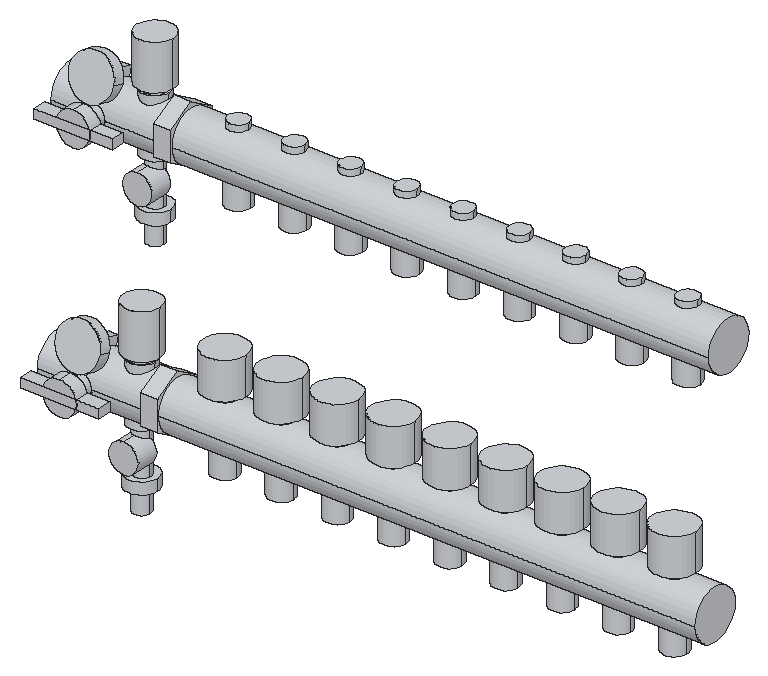
Revit family "318_dba5bdd3bf904ccfaea6eb69f10d81", category Pipe Accessories, Revit 2017
Family settings
  Round Connector Dimension = Use Diameter
  Part Type = Valve - Normal
  Work Plane-Based = No
  Always vertical = Yes
  Cut with Voids When Loaded = No
  Shared = No
Parameters (values of type "R553DK109")
  magi_piping_qv_2_9 [instance] = 0.0 L/s
  magi_piping_qv_2_8 [instance] = 0.0 L/s
  magi_piping_qv_2_7 [instance] = 0.0 L/s
  magi_piping_qv_2_6 [instance] = 0.0 L/s
  magi_piping_qv_2_5 [instance] = 0.0 L/s
  magi_piping_qv_2_4 [instance] = 0.0 L/s
  magi_piping_qv_2_3 [instance] = 0.0 L/s
  magi_piping_qv_2_2 [instance] = 0.0 L/s
  magi_piping_qv_2_1 [instance] = 0.0 L/s
  magi_piping_qv_1_9 [instance] = 0.0 L/s
  magi_piping_qv_1_8 [instance] = 0.0 L/s
  magi_piping_qv_1_7 [instance] = 0.0 L/s
  magi_piping_qv_1_6 [instance] = 0.0 L/s
  magi_piping_qv_1_5 [instance] = 0.0 L/s
  magi_piping_qv_1_4 [instance] = 0.0 L/s
  magi_piping_qv_1_3 [instance] = 0.0 L/s
  magi_piping_qv_1_2 [instance] = 0.0 L/s
  magi_piping_qv_1_1 [instance] = 0.0 L/s
  magi_piping_qv [instance] = 0.0 L/s
  magi_piping_power_9 [instance] = 0 W
  magi_piping_power_8 [instance] = 0 W
  magi_piping_power_7 [instance] = 0 W
  magi_piping_power_6 [instance] = 0 W
  magi_piping_power_5 [instance] = 0 W
  magi_piping_power_4 [instance] = 0 W
  magi_piping_power_3 [instance] = 0 W
  magi_piping_power_2 [instance] = 0 W
  magi_piping_power_1 [instance] = 0 W
  magi_piping_kv_9 [instance] = 0
  magi_piping_kv_8 [instance] = 0
  magi_piping_kv_7 [instance] = 0
  magi_piping_kv_6 [instance] = 0
  magi_piping_kv_5 [instance] = 0
  magi_piping_kv_4 [instance] = 0
  magi_piping_kv_3 [instance] = 0
  magi_piping_kv_2 [instance] = 0
  magi_piping_kv_1 [instance] = 0
  magi_piping_dpTot_9 [instance] = 0.0 Pa
  magi_piping_dpTot_8 [instance] = 0.0 Pa
  magi_piping_dpTot_7 [instance] = 0.0 Pa
  magi_piping_dpTot_6 [instance] = 0.0 Pa
  magi_piping_dpTot_5 [instance] = 0.0 Pa
  magi_piping_dpTot_4 [instance] = 0.0 Pa
  magi_piping_dpTot_3 [instance] = 0.0 Pa
  magi_piping_dpTot_2 [instance] = 0.0 Pa
  magi_piping_dpTot_1 [instance] = 0.0 Pa
  magi_adjustmentValue_9 [instance] = ""
  magi_adjustmentValue_8 [instance] = ""
  magi_adjustmentValue_7 [instance] = ""
  magi_adjustmentValue_6 [instance] = ""
  magi_adjustmentValue_5 [instance] = ""
  magi_adjustmentValue_4 [instance] = ""
  magi_adjustmentValue_3 [instance] = ""
  magi_adjustmentValue_2 [instance] = ""
  magi_adjustmentValue_1 [instance] = ""
  magiProductId = "dba5bdd3bf904ccfaea6eb69f10d81"
  magiProductFamilyId = "dba5bdd3bf904ccfaea6eb69f10d81"
  magiProductCode = "R553DK109"
  magiPartTypeId = 318
  Y = 15 mm
  VersionID = "2.0/2016.10.37.0/GIACOMINI_R553DK_001"
  URL = "http://www.giacomini.com/en"
  SMP = 25 mm
  SBP9 = 18 mm
  SBP8 = 18 mm
  SBP7 = 18 mm
  SBP6 = 18 mm
  SBP5 = 18 mm
  SBP4 = 18 mm
  SBP3 = 18 mm
  SBP2 = 18 mm
  SBP12 = 18 mm
  SBP11 = 18 mm
  SBP10 = 18 mm
  SBP1 = 18 mm
  RMP = 25 mm
  RBP9 = 18 mm
  RBP8 = 18 mm
  RBP7 = 18 mm
  RBP6 = 18 mm
  RBP5 = 18 mm
  RBP4 = 18 mm
  RBP3 = 18 mm
  RBP2 = 18 mm
  RBP12 = 18 mm
  RBP11 = 18 mm
  RBP10 = 18 mm
  RBP1 = 18 mm
  R2 = 22 mm
  QmdConnectorList = "321;SMP;322;SBP1;323;SBP2;324;SBP3;325;SBP4;326;SBP5;327;SBP6;328;SBP7;329;SBP8;330;SBP9;351;RMP;352;RBP1;353;RBP2;354;RBP3;355;RBP4;356;RBP5;357;RBP6;358;RBP7;359;RBP8;360;RBP9"
  Productdata [instance] = "© Progman Oy, all rights reserved"
  N9 = yes
  N8 = yes
  N7 = yes
  N6 = yes
  N5 = yes
  N4 = yes
  N3 = yes
  N12 = no
  N11 = no
  N10 = no
  Manufacturer = "Giacomini"
  MC_Default_elevation = 0 mm
  L = 585 mm
  I = 50 mm
  H5 = 33 mm
  H4 = 5 mm
  H3__ve = -H3  # -40 mm
  H3 = 40 mm
  H11 = 5 mm
  Flow supply main [instance] = Flow supply 1 + Flow supply 2 + Flow supply 3 + Flow supply 4 + Flow supply 5 + Flow supply 6 + Flow supply 7 + Flow supply 8 + Flow supply 9  # 0.0 L/s
  Flow supply 9 [instance] = 0.0 L/s
  Flow supply 8 [instance] = 0.0 L/s
  Flow supply 7 [instance] = 0.0 L/s
  Flow supply 6 [instance] = 0.0 L/s
  Flow supply 5 [instance] = 0.0 L/s
  Flow supply 4 [instance] = 0.0 L/s
  Flow supply 3 [instance] = 0.0 L/s
  Flow supply 2 [instance] = 0.0 L/s
  Flow supply 1 [instance] = 0.0 L/s
  Flow return main [instance] = Flow return 1 + Flow return 2 + Flow return 3 + Flow return 4 + Flow return 5 + Flow return 6 + Flow return 7 + Flow return 8 + Flow return 9  # 0.0 L/s
  Flow return 9 [instance] = 0.0 L/s
  Flow return 8 [instance] = 0.0 L/s
  Flow return 7 [instance] = 0.0 L/s
  Flow return 6 [instance] = 0.0 L/s
  Flow return 5 [instance] = 0.0 L/s
  Flow return 4 [instance] = 0.0 L/s
  Flow return 3 [instance] = 0.0 L/s
  Flow return 2 [instance] = 0.0 L/s
  Flow return 1 [instance] = 0.0 L/s
  E = 208 mm
  Description = "PREASSEMBLED MANIFOLD KIT"
  D5 = 38 mm
  D4 = 22 mm
  D31 = 18 mm
  D2 = 44 mm
  CAT0 = yes
  A = 149 mm
Reference planes
  plane 1 "Center (Front/Back)": y = 0
  plane 2 "XYPLANE": z = 0
  plane 3 "Center (Left/Right)": x = 0
  plane 4 "INIT_TEMP": y = 100
  plane 5 "379": x = 699
  plane 6 "378": x = 649
  plane 7 "377": x = 599
  plane 8 "376": x = 549
  plane 9 "375": x = 499
  plane 10 "374": x = 449
  plane 11 "373": x = 399
  plane 12 "372": x = 349
  plane 13 "371": x = 299
  plane 14 "369": x = 249
  plane 15 "368": x = 199
  plane 16 "367": x = 149
  plane 17 "366": z = 22
  plane 18 "365": z = 0
  plane 19 "364": z = -208
  plane 20 "363": y = -15
  plane 21 "362": y = 0
  plane 22 "361": x = 0
  plane 23 "360": z = -40
  plane 24 "359": z = -186
  plane 25 "358": z = -181
  plane 26 "357": z = -248
  plane 27 "356": x = 75
  plane 28 "355": z = 26
  plane 29 "354": x = 92
  plane 30 "353": z = 31
  plane 31 "352": z = -26
  plane 32 "351": z = -46
  plane 33 "350": z = -66
  plane 34 "349": z = 30
  plane 35 "348": x = 38
  plane 36 "347": y = -33
  plane 37 "346": z = 30
  plane 38 "345": y = -15
  plane 39 "344": z = -182
  plane 40 "343": z = -177
  plane 41 "342": z = -234
  plane 42 "341": z = -254
  plane 43 "340": z = -274
  plane 44 "339": z = -178
  plane 45 "338": y = -30
  plane 46 "337": z = -178
  plane 47 "336": y = -48
  plane 48 "1055": through (-712, 0, 30) normal (0, 0.2588, 0.9659)
  plane 49 "1056": through (-712, -15, 30) normal (0, -0.9659, 0.2588)
  plane 50 "1057": through (-712, -30, -178) normal (0, 0.9659, -0.2588)
  plane 51 "1058": through (-712, -15, -178) normal (0, -0.2588, -0.9659)
Forms (mm)
  Extrusion 1, solid, visible <- "N12"
    sketch origin (-750, 0, 22) x (1, 0, 0) y (0, 1, 0)
      loop
        circle (1449, 0) r 9
    from 0 to 5 <- "H11"
  Extrusion 2, solid, visible <- "N11"
    sketch origin (-750, 0, 22) x (1, 0, 0) y (0, 1, 0)
      loop
        circle (1399, 0) r 9
    from 0 to 5 <- "H11"
  Extrusion 3, solid, visible <- "N9"
    sketch origin (-750, 0, 22) x (1, 0, 0) y (0, 1, 0)
      loop
        circle (1299, 0) r 9
    from 0 to 5 <- "H11"
  Extrusion 4, solid, visible <- "N10"
    sketch origin (-750, 0, 22) x (1, 0, 0) y (0, 1, 0)
      loop
        circle (1349, 0) r 9
    from 0 to 5 <- "H11"
  Extrusion 5, solid, visible <- "N8"
    sketch origin (-750, 0, 22) x (1, 0, 0) y (0, 1, 0)
      loop
        circle (1249, 0) r 9
    from 0 to 5 <- "H11"
  Extrusion 6, solid, visible <- "N7"
    sketch origin (-750, 0, 22) x (1, 0, 0) y (0, 1, 0)
      loop
        circle (1199, 0) r 9
    from 0 to 5 <- "H11"
  Extrusion 7, solid, visible <- "N6"
    sketch origin (-750, 0, 22) x (1, 0, 0) y (0, 1, 0)
      loop
        circle (1149, 0) r 9
    from 0 to 5 <- "H11"
  Extrusion 8, solid, visible <- "N5"
    sketch origin (-750, 0, 22) x (1, 0, 0) y (0, 1, 0)
      loop
        circle (1099, 0) r 9
    from 0 to 5 <- "H11"
  Extrusion 9, solid, visible <- "N4"
    sketch origin (-750, 0, 22) x (1, 0, 0) y (0, 1, 0)
      loop
        circle (1049, 0) r 9
    from 0 to 5 <- "H11"
  Extrusion 10, solid, visible <- "N3"
    sketch origin (-750, 0, 22) x (1, 0, 0) y (0, 1, 0)
      loop
        circle (999, 0) r 9
    from 0 to 5 <- "H11"
  Extrusion 11, solid
    sketch origin (-750, 0, 22) x (1, 0, 0) y (0, 1, 0)
      loop
        circle (949, 0) r 9
    from 0 to 5 <- "H11"
  Extrusion 12, solid
    sketch origin (-750, 0, 22) x (1, 0, 0) y (0, 1, 0)
      loop
        circle (899, 0) r 9
    from 0 to 5 <- "H11"
  Extrusion 13, solid, visible <- "CAT0"
    sketch origin (0, -750, 0) x (0, 1, 0) y (0, 0, 1)
      loop
        circle (750, 0) r 22
    from 0 to 585 <- "L"
  Extrusion 14, solid
    sketch origin (-750, 0, 0) x (1, 0, 0) y (0, 1, 0)
      loop
        circle (899, 0) r 11
    from 0 to -40 <- "H3__ve"
  Extrusion 15, solid
    sketch origin (-750, 0, 0) x (1, 0, 0) y (0, 1, 0)
      loop
        circle (949, 0) r 11
    from 0 to -40 <- "H3__ve"
  Extrusion 16, solid, visible <- "N3"
    sketch origin (-750, 0, 0) x (1, 0, 0) y (0, 1, 0)
      loop
        circle (999, 0) r 11
    from 0 to -40 <- "H3__ve"
  Extrusion 17, solid, visible <- "N4"
    sketch origin (-750, 0, 0) x (1, 0, 0) y (0, 1, 0)
      loop
        circle (1049, 0) r 11
    from 0 to -40 <- "H3__ve"
  Extrusion 18, solid, visible <- "N5"
    sketch origin (-750, 0, 0) x (1, 0, 0) y (0, 1, 0)
      loop
        circle (1099, 0) r 11
    from 0 to -40 <- "H3__ve"
  Extrusion 19, solid, visible <- "N6"
    sketch origin (-750, 0, 0) x (1, 0, 0) y (0, 1, 0)
      loop
        circle (1149, 0) r 11
    from 0 to -40 <- "H3__ve"
  Extrusion 20, solid, visible <- "N7"
    sketch origin (-750, 0, 0) x (1, 0, 0) y (0, 1, 0)
      loop
        circle (1199, 0) r 11
    from 0 to -40 <- "H3__ve"
  Extrusion 21, solid, visible <- "N12"
    sketch origin (-750, 0, 0) x (1, 0, 0) y (0, 1, 0)
      loop
        circle (1449, 0) r 11
    from 0 to -40 <- "H3__ve"
  Extrusion 22, solid, visible <- "N11"
    sketch origin (-750, 0, 0) x (1, 0, 0) y (0, 1, 0)
      loop
        circle (1399, 0) r 11
    from 0 to -40 <- "H3__ve"
  Extrusion 23, solid, visible <- "N10"
    sketch origin (-750, 0, 0) x (1, 0, 0) y (0, 1, 0)
      loop
        circle (1349, 0) r 11
    from 0 to -40 <- "H3__ve"
  Extrusion 24, solid, visible <- "N9"
    sketch origin (-750, 0, 0) x (1, 0, 0) y (0, 1, 0)
      loop
        circle (1299, 0) r 11
    from 0 to -40 <- "H3__ve"
  Extrusion 25, solid, visible <- "N8"
    sketch origin (-750, 0, 0) x (1, 0, 0) y (0, 1, 0)
      loop
        circle (1249, 0) r 11
    from 0 to -40 <- "H3__ve"
  Extrusion 26, solid, visible <- "CAT0"
    sketch origin (0, -750, 0) x (0, 1, 0) y (0, 0, 1)
      loop
        circle (735, -208) r 22
    from 0 to 585 <- "L"
  Extrusion 27, solid
    sketch origin (-750, 0, -208) x (1, 0, 0) y (0, 1, 0)
      loop
        circle (949, -15) r 11
    from 0 to -40 <- "H3__ve"
  Extrusion 28, solid
    sketch origin (-750, 0, -208) x (1, 0, 0) y (0, 1, 0)
      loop
        circle (899, -15) r 11
    from 0 to -40 <- "H3__ve"
  Extrusion 29, solid, visible <- "N3"
    sketch origin (-750, 0, -208) x (1, 0, 0) y (0, 1, 0)
      loop
        circle (999, -15) r 11
    from 0 to -40 <- "H3__ve"
  Extrusion 30, solid
    sketch origin (-750, 0, -186) x (1, 0, 0) y (0, 1, 0)
      loop
        circle (899, -15) r 11
    from 0 to 5 <- "H4"
  Extrusion 31, solid
    sketch origin (-750, 0, -181) x (1, 0, 0) y (0, 1, 0)
      loop
        circle (899, -15) r 19
    from 0 to 33 <- "H5"
  Extrusion 32, solid
    sketch origin (-750, 0, -181) x (1, 0, 0) y (0, 1, 0)
      loop
        circle (949, -15) r 19
    from 0 to 33 <- "H5"
  Extrusion 33, solid
    sketch origin (-750, 0, -186) x (1, 0, 0) y (0, 1, 0)
      loop
        circle (949, -15) r 11
    from 0 to 5 <- "H4"
  Extrusion 34, solid, visible <- "N3"
    sketch origin (-750, 0, -186) x (1, 0, 0) y (0, 1, 0)
      loop
        circle (999, -15) r 11
    from 0 to 5 <- "H4"
  Extrusion 35, solid, visible <- "N3"
    sketch origin (-750, 0, -181) x (1, 0, 0) y (0, 1, 0)
      loop
        circle (999, -15) r 19
    from 0 to 33 <- "H5"
  Extrusion 36, solid, visible <- "N4"
    sketch origin (-750, 0, -181) x (1, 0, 0) y (0, 1, 0)
      loop
        circle (1049, -15) r 19
    from 0 to 33 <- "H5"
  Extrusion 37, solid, visible <- "N4"
    sketch origin (-750, 0, -186) x (1, 0, 0) y (0, 1, 0)
      loop
        circle (1049, -15) r 11
    from 0 to 5 <- "H4"
  Extrusion 38, solid, visible <- "N4"
    sketch origin (-750, 0, -208) x (1, 0, 0) y (0, 1, 0)
      loop
        circle (1049, -15) r 11
    from 0 to -40 <- "H3__ve"
  Extrusion 39, solid, visible <- "N5"
    sketch origin (-750, 0, -208) x (1, 0, 0) y (0, 1, 0)
      loop
        circle (1099, -15) r 11
    from 0 to -40 <- "H3__ve"
  Extrusion 40, solid, visible <- "N5"
    sketch origin (-750, 0, -186) x (1, 0, 0) y (0, 1, 0)
      loop
        circle (1099, -15) r 11
    from 0 to 5 <- "H4"
  Extrusion 41, solid, visible <- "N5"
    sketch origin (-750, 0, -181) x (1, 0, 0) y (0, 1, 0)
      loop
        circle (1099, -15) r 19
    from 0 to 33 <- "H5"
  Extrusion 42, solid, visible <- "N6"
    sketch origin (-750, 0, -181) x (1, 0, 0) y (0, 1, 0)
      loop
        circle (1149, -15) r 19
    from 0 to 33 <- "H5"
  Extrusion 43, solid, visible <- "N6"
    sketch origin (-750, 0, -186) x (1, 0, 0) y (0, 1, 0)
      loop
        circle (1149, -15) r 11
    from 0 to 5 <- "H4"
  Extrusion 44, solid, visible <- "N6"
    sketch origin (-750, 0, -208) x (1, 0, 0) y (0, 1, 0)
      loop
        circle (1149, -15) r 11
    from 0 to -40 <- "H3__ve"
  Extrusion 45, solid, visible <- "N7"
    sketch origin (-750, 0, -208) x (1, 0, 0) y (0, 1, 0)
      loop
        circle (1199, -15) r 11
    from 0 to -40 <- "H3__ve"
  Extrusion 46, solid, visible <- "N7"
    sketch origin (-750, 0, -186) x (1, 0, 0) y (0, 1, 0)
      loop
        circle (1199, -15) r 11
    from 0 to 5 <- "H4"
  Extrusion 47, solid, visible <- "N7"
    sketch origin (-750, 0, -181) x (1, 0, 0) y (0, 1, 0)
      loop
        circle (1199, -15) r 19
    from 0 to 33 <- "H5"
  Extrusion 48, solid, visible <- "N9"
    sketch origin (-750, 0, -181) x (1, 0, 0) y (0, 1, 0)
      loop
        circle (1299, -15) r 19
    from 0 to 33 <- "H5"
  Extrusion 49, solid, visible <- "N9"
    sketch origin (-750, 0, -186) x (1, 0, 0) y (0, 1, 0)
      loop
        circle (1299, -15) r 11
    from 0 to 5 <- "H4"
  Extrusion 50, solid, visible <- "N9"
    sketch origin (-750, 0, -208) x (1, 0, 0) y (0, 1, 0)
      loop
        circle (1299, -15) r 11
    from 0 to -40 <- "H3__ve"
  Extrusion 51, solid, visible <- "N8"
    sketch origin (-750, 0, -208) x (1, 0, 0) y (0, 1, 0)
      loop
        circle (1249, -15) r 11
    from 0 to -40 <- "H3__ve"
  Extrusion 52, solid, visible <- "N8"
    sketch origin (-750, 0, -186) x (1, 0, 0) y (0, 1, 0)
      loop
        circle (1249, -15) r 11
    from 0 to 5 <- "H4"
  Extrusion 53, solid, visible <- "N8"
    sketch origin (-750, 0, -181) x (1, 0, 0) y (0, 1, 0)
      loop
        circle (1249, -15) r 19
    from 0 to 33 <- "H5"
  Extrusion 54, solid, visible <- "N11"
    sketch origin (-750, 0, -181) x (1, 0, 0) y (0, 1, 0)
      loop
        circle (1399, -15) r 19
    from 0 to 33 <- "H5"
  Extrusion 55, solid, visible <- "N11"
    sketch origin (-750, 0, -186) x (1, 0, 0) y (0, 1, 0)
      loop
        circle (1399, -15) r 11
    from 0 to 5 <- "H4"
  Extrusion 56, solid, visible <- "N11"
    sketch origin (-750, 0, -208) x (1, 0, 0) y (0, 1, 0)
      loop
        circle (1399, -15) r 11
    from 0 to -40 <- "H3__ve"
  Extrusion 57, solid, visible <- "N12"
    sketch origin (-750, 0, -208) x (1, 0, 0) y (0, 1, 0)
      loop
        circle (1449, -15) r 11
    from 0 to -40 <- "H3__ve"
  Extrusion 58, solid, visible <- "N12"
    sketch origin (-750, 0, -186) x (1, 0, 0) y (0, 1, 0)
      loop
        circle (1449, -15) r 11
    from 0 to 5 <- "H4"
  Extrusion 59, solid, visible <- "N12"
    sketch origin (-750, 0, -181) x (1, 0, 0) y (0, 1, 0)
      loop
        circle (1449, -15) r 19
    from 0 to 33 <- "H5"
  Extrusion 60, solid, visible <- "N10"
    sketch origin (-750, 0, -181) x (1, 0, 0) y (0, 1, 0)
      loop
        circle (1349, -15) r 19
    from 0 to 33 <- "H5"
  Extrusion 61, solid, visible <- "N10"
    sketch origin (-750, 0, -186) x (1, 0, 0) y (0, 1, 0)
      loop
        circle (1349, -15) r 11
    from 0 to 5 <- "H4"
  Extrusion 62, solid, visible <- "N10"
    sketch origin (-750, 0, -208) x (1, 0, 0) y (0, 1, 0)
      loop
        circle (1349, -15) r 11
    from 0 to -40 <- "H3__ve"
  Extrusion 63, solid
    sketch origin (-750, 0, 26) x (1, 0, 0) y (0, 1, 0)
      loop
        circle (825, 0) r 12
    from 0 to -52
  Extrusion 64, solid
    sketch origin (92, -750, 0) x (0, 1, 0) y (0, 0, 1)
      loop
        line (750, 26) -> (727.483, 13) -> (727.483, -13) -> (750, -26) -> (772.517, -13) -> (772.517, 13) -> (750, 26)
    from 0 to 15
  Extrusion 65, solid
    sketch origin (-750, 0, 26) x (1, 0, 0) y (0, 1, 0)
      loop
        circle (825, 0) r 10
    from 0 to 5
  Extrusion 66, solid
    sketch origin (-750, 0, 31) x (1, 0, 0) y (0, 1, 0)
      loop
        circle (825, 0) r 16
    from 0 to 40
  Extrusion 67, solid
    sketch origin (-750, 0, -26) x (1, 0, 0) y (0, 1, 0)
      loop
        circle (825, 0) r 7.5
    from 0 to -70
  Extrusion 68, solid
    sketch origin (750, 0, 0) x (-1, 0, 0) y (0, 0, 1)
      loop
        circle (675, -46) r 13
    from 0 to -20
  Extrusion 69, solid
    sketch origin (-750, 0, -66) x (1, 0, 0) y (0, 1, 0)
      loop
        circle (825, 0) r 14
    from 0 to -10
  Extrusion 70, solid
    sketch origin (750, -33, 0) x (-1, 0, 0) y (0, 0, 1)
      loop
        circle (712, 0) r 15
    from 0 to -12
  Extrusion 71, solid
    sketch origin (-712, 0, 30) x (1, 0, 0) y (0, 0.965926, -0.258819)
      loop
        line (746, 15) -> (746, -15) -> (754, -15) -> (754, 15) -> (746, 15)
    from 0 to -18
  Extrusion 72, solid
    sketch origin (750, 0, 0) x (-1, 0, 0) y (0, 0, 1)
      loop
        circle (712, 0) r 9
    from 0 to -33
  Extrusion 73, solid
    sketch origin (750, -33, 0) x (-1, 0, 0) y (0, 0, 1)
      loop
        line (677, 4) -> (677, -4) -> (747, -4) -> (747, 4) -> (677, 4)
    from 0 to -12
  Extrusion 74, solid
    sketch origin (-712, -15, 30) x (1, 0, 0) y (0, 0.258819, 0.965926)
      loop
        circle (750, 0) r 20
    from 0 to 10
  Extrusion 75, solid
    sketch origin (-750, 0, -274) x (1, 0, 0) y (0, 1, 0)
      loop
        circle (825, -15) r 14
    from 0 to -10
  Extrusion 76, solid
    sketch origin (750, -15, 0) x (-1, 0, 0) y (0, 0, 1)
      loop
        circle (675, -254) r 13
    from 0 to -20
  Extrusion 77, solid
    sketch origin (-750, 0, -234) x (1, 0, 0) y (0, 1, 0)
      loop
        circle (825, -15) r 7.5
    from 0 to -70
  Extrusion 78, solid
    sketch origin (-750, 0, -177) x (1, 0, 0) y (0, 1, 0)
      loop
        circle (825, -15) r 16
    from 0 to 40
  Extrusion 79, solid
    sketch origin (-750, 0, -182) x (1, 0, 0) y (0, 1, 0)
      loop
        circle (825, -15) r 10
    from 0 to 5
  Extrusion 80, solid
    sketch origin (92, -750, 0) x (0, 1, 0) y (0, 0, 1)
      loop
        line (735, -182) -> (712.483, -195) -> (712.483, -221) -> (735, -234) -> (757.517, -221) -> (757.517, -195) -> (735, -182)
    from 0 to 15
  Extrusion 81, solid
    sketch origin (-750, 0, -182) x (1, 0, 0) y (0, 1, 0)
      loop
        circle (825, -15) r 12
    from 0 to -52
  Extrusion 82, solid
    sketch origin (-712, -30, -178) x (1, 0, 0) y (0, -0.258819, -0.965926)
      loop
        circle (750, 0) r 20
    from 0 to -10
  Extrusion 83, solid
    sketch origin (750, -48, 0) x (-1, 0, 0) y (0, 0, 1)
      loop
        line (677, -204) -> (677, -212) -> (747, -212) -> (747, -204) -> (677, -204)
    from 0 to -12
  Extrusion 84, solid
    sketch origin (750, -15, 0) x (-1, 0, 0) y (0, 0, 1)
      loop
        circle (712, -208) r 9
    from 0 to -33
  Extrusion 85, solid
    sketch origin (-712, -15, -178) x (1, 0, 0) y (0, -0.965926, 0.258819)
      loop
        line (746, -15) -> (754, -15) -> (754, 15) -> (746, 15) -> (746, -15)
    from 0 to 18
  Extrusion 86, solid
    sketch origin (750, -48, 0) x (-1, 0, 0) y (0, 0, 1)
      loop
        circle (712, -208) r 15
    from 0 to -12
  Extrusion 87, solid, not visible
    sketch origin (-750, 0, -40) x (1, 0, 0) y (0, 1, 0)
      loop
        circle (949, 0) r 10
    from 0 to 10
  Extrusion 88, solid, not visible
    sketch origin (-750, 0, -40) x (1, 0, 0) y (0, 1, 0)
      loop
        circle (899, 0) r 10
    from 0 to 10
  Extrusion 89, solid, not visible
    sketch origin (0, -750, 0) x (0, 1, 0) y (0, 0, 1)
      loop
        circle (735, -208) r 10
    from 0 to 10
  Extrusion 90, solid, not visible
    sketch origin (0, -750, 0) x (0, 1, 0) y (0, 0, 1)
      loop
        circle (750, 0) r 10
    from 0 to 10
  Extrusion 91, solid, not visible
    sketch origin (-750, 0, -40) x (1, 0, 0) y (0, 1, 0)
      loop
        circle (999, 0) r 10
    from 0 to 10
  Extrusion 92, solid, not visible
    sketch origin (-750, 0, -40) x (1, 0, 0) y (0, 1, 0)
      loop
        circle (1049, 0) r 10
    from 0 to 10
  Extrusion 93, solid, not visible
    sketch origin (-750, 0, -40) x (1, 0, 0) y (0, 1, 0)
      loop
        circle (1099, 0) r 10
    from 0 to 10
  Extrusion 94, solid, not visible
    sketch origin (-750, 0, -40) x (1, 0, 0) y (0, 1, 0)
      loop
        circle (1149, 0) r 10
    from 0 to 10
  Extrusion 95, solid, not visible
    sketch origin (-750, 0, -40) x (1, 0, 0) y (0, 1, 0)
      loop
        circle (1199, 0) r 10
    from 0 to 10
  Extrusion 96, solid, not visible
    sketch origin (-750, 0, -40) x (1, 0, 0) y (0, 1, 0)
      loop
        circle (1299, 0) r 10
    from 0 to 10
  Extrusion 97, solid, not visible
    sketch origin (-750, 0, -40) x (1, 0, 0) y (0, 1, 0)
      loop
        circle (1249, 0) r 10
    from 0 to 10
  Extrusion 98, solid, not visible
    sketch origin (-750, 0, -248) x (1, 0, 0) y (0, 1, 0)
      loop
        circle (999, -15) r 10
    from 0 to 10
  Extrusion 99, solid, not visible
    sketch origin (-750, 0, -248) x (1, 0, 0) y (0, 1, 0)
      loop
        circle (899, -15) r 10
    from 0 to 10
  Extrusion 100, solid, not visible
    sketch origin (-750, 0, -248) x (1, 0, 0) y (0, 1, 0)
      loop
        circle (949, -15) r 10
    from 0 to 10
  Extrusion 101, solid, not visible
    sketch origin (-750, 0, -248) x (1, 0, 0) y (0, 1, 0)
      loop
        circle (1049, -15) r 10
    from 0 to 10
  Extrusion 102, solid, not visible
    sketch origin (-750, 0, -248) x (1, 0, 0) y (0, 1, 0)
      loop
        circle (1099, -15) r 10
    from 0 to 10
  Extrusion 103, solid, not visible
    sketch origin (-750, 0, -248) x (1, 0, 0) y (0, 1, 0)
      loop
        circle (1149, -15) r 10
    from 0 to 10
  Extrusion 104, solid, not visible
    sketch origin (-750, 0, -248) x (1, 0, 0) y (0, 1, 0)
      loop
        circle (1199, -15) r 10
    from 0 to 10
  Extrusion 105, solid, not visible
    sketch origin (-750, 0, -248) x (1, 0, 0) y (0, 1, 0)
      loop
        circle (1299, -15) r 10
    from 0 to 10
  Extrusion 106, solid, not visible
    sketch origin (-750, 0, -248) x (1, 0, 0) y (0, 1, 0)
      loop
        circle (1249, -15) r 10
    from 0 to 10
Text (mm)
  text "© Progman Oy, all rights reserved" at (-472.209, -2482.653, 0), in view "Ref. Level"
Dimensions and locks
  plane 4 "INIT_TEMP" to plane 1 "Center (Front/Back)" = 100 mm
  "I": plane 6 "378" to plane 5 "379"
  "I": plane 7 "377" to plane 6 "378"
  "I": plane 8 "376" to plane 7 "377"
  "I": plane 9 "375" to plane 8 "376"
  "I": plane 10 "374" to plane 9 "375"
  "I": plane 11 "373" to plane 10 "374"
  "I": plane 12 "372" to plane 11 "373"
  "I": plane 13 "371" to plane 12 "372"
  "I": plane 14 "369" to plane 13 "371"
  "I": plane 15 "368" to plane 14 "369"
  "I": plane 16 "367" to plane 15 "368"
  "A": plane 3 "Center (Left/Right)" to plane 16 "367"
  "R2": plane 2 "XYPLANE" to plane 17 "366"
  locked: plane 2 "XYPLANE" to plane 18 "365"
  "E": plane 2 "XYPLANE" to plane 19 "364"
  "Y": plane 1 "Center (Front/Back)" to plane 20 "363"
  locked: plane 1 "Center (Front/Back)" to plane 21 "362"
  locked: plane 3 "Center (Left/Right)" to plane 22 "361"
  "H3": plane 2 "XYPLANE" to plane 23 "360"
  "R2": plane 19 "364" to plane 24 "359"
  "H4": plane 24 "359" to plane 25 "358"
  "H3": plane 19 "364" to plane 26 "357"
  locked: plane 3 "Center (Left/Right)" to plane 27 "356" at 75
  locked: plane 2 "XYPLANE" to plane 28 "355" at 26
  locked: plane 27 "356" to plane 29 "354" at 17
  locked: plane 28 "355" to plane 30 "353" at 5
  locked: plane 28 "355" to plane 31 "352" at 52
  locked: plane 31 "352" to plane 32 "351" at 20
  locked: plane 31 "352" to plane 33 "350" at 40
  locked: plane 2 "XYPLANE" to plane 34 "349" at 30
  locked: plane 3 "Center (Left/Right)" to plane 35 "348" at 38
  locked: plane 1 "Center (Front/Back)" to plane 36 "347" at 33
  locked: plane 2 "XYPLANE" to plane 37 "346" at 30
  locked: plane 1 "Center (Front/Back)" to plane 38 "345" at 15
  locked: plane 19 "364" to plane 39 "344" at 26
  locked: plane 39 "344" to plane 40 "343" at 5
  locked: plane 39 "344" to plane 41 "342" at 52
  locked: plane 41 "342" to plane 42 "341" at 20
  locked: plane 41 "342" to plane 43 "340" at 40
  locked: plane 19 "364" to plane 44 "339" at 30
  locked: plane 20 "363" to plane 45 "338" at 15
  locked: plane 19 "364" to plane 46 "337" at 30
  locked: plane 20 "363" to plane 47 "336" at 33
  "D31": diameter of Extrusion 1 sketch curve
  "D31": diameter of Extrusion 2 sketch curve
  "D31": diameter of Extrusion 3 sketch curve
  "D31": diameter of Extrusion 4 sketch curve
  "D31": diameter of Extrusion 5 sketch curve
  "D31": diameter of Extrusion 6 sketch curve
  "D31": diameter of Extrusion 7 sketch curve
  "D31": diameter of Extrusion 8 sketch curve
  "D31": diameter of Extrusion 9 sketch curve
  "D31": diameter of Extrusion 10 sketch curve
  "D31": diameter of Extrusion 11 sketch curve
  "D31": diameter of Extrusion 12 sketch curve
  "D2": diameter of Extrusion 13 sketch curve
  "D4": diameter of Extrusion 14 sketch curve
  "D4": diameter of Extrusion 15 sketch curve
  "D4": diameter of Extrusion 16 sketch curve
  "D4": diameter of Extrusion 17 sketch curve
  "D4": diameter of Extrusion 18 sketch curve
  "D4": diameter of Extrusion 19 sketch curve
  "D4": diameter of Extrusion 20 sketch curve
  "D4": diameter of Extrusion 21 sketch curve
  "D4": diameter of Extrusion 22 sketch curve
  "D4": diameter of Extrusion 23 sketch curve
  "D4": diameter of Extrusion 24 sketch curve
  "D4": diameter of Extrusion 25 sketch curve
  "D2": diameter of Extrusion 26 sketch curve
  "D4": diameter of Extrusion 27 sketch curve
  "D4": diameter of Extrusion 28 sketch curve
  "D4": diameter of Extrusion 29 sketch curve
  "D4": diameter of Extrusion 30 sketch curve
  "D5": diameter of Extrusion 31 sketch curve
  "D5": diameter of Extrusion 32 sketch curve
  "D4": diameter of Extrusion 33 sketch curve
  "D4": diameter of Extrusion 34 sketch curve
  "D5": diameter of Extrusion 35 sketch curve
  "D5": diameter of Extrusion 36 sketch curve
  "D4": diameter of Extrusion 37 sketch curve
  "D4": diameter of Extrusion 38 sketch curve
  "D4": diameter of Extrusion 39 sketch curve
  "D4": diameter of Extrusion 40 sketch curve
  "D5": diameter of Extrusion 41 sketch curve
  "D5": diameter of Extrusion 42 sketch curve
  "D4": diameter of Extrusion 43 sketch curve
  "D4": diameter of Extrusion 44 sketch curve
  "D4": diameter of Extrusion 45 sketch curve
  "D4": diameter of Extrusion 46 sketch curve
  "D5": diameter of Extrusion 47 sketch curve
  "D5": diameter of Extrusion 48 sketch curve
  "D4": diameter of Extrusion 49 sketch curve
  "D4": diameter of Extrusion 50 sketch curve
  "D4": diameter of Extrusion 51 sketch curve
  "D4": diameter of Extrusion 52 sketch curve
  "D5": diameter of Extrusion 53 sketch curve
  "D5": diameter of Extrusion 54 sketch curve
  "D4": diameter of Extrusion 55 sketch curve
  "D4": diameter of Extrusion 56 sketch curve
  "D4": diameter of Extrusion 57 sketch curve
  "D4": diameter of Extrusion 58 sketch curve
  "D5": diameter of Extrusion 59 sketch curve
  "D5": diameter of Extrusion 60 sketch curve
  "D4": diameter of Extrusion 61 sketch curve
  "D4": diameter of Extrusion 62 sketch curve
  aligned and locked: level to plane 2 "XYPLANE"
  aligned and locked: plane 5 "379" to Extrusion 1 sketch curve
  aligned and locked: plane 21 "362" to Extrusion 1 sketch curve
  aligned and locked: plane 6 "378" to Extrusion 2 sketch curve
  aligned and locked: plane 21 "362" to Extrusion 2 sketch curve
  aligned and locked: plane 8 "376" to Extrusion 3 sketch curve
  aligned and locked: plane 21 "362" to Extrusion 3 sketch curve
  aligned and locked: plane 7 "377" to Extrusion 4 sketch curve
  aligned and locked: plane 21 "362" to Extrusion 4 sketch curve
  aligned and locked: plane 9 "375" to Extrusion 5 sketch curve
  aligned and locked: plane 21 "362" to Extrusion 5 sketch curve
  aligned and locked: plane 10 "374" to Extrusion 6 sketch curve
  aligned and locked: plane 21 "362" to Extrusion 6 sketch curve
  aligned and locked: plane 11 "373" to Extrusion 7 sketch curve
  aligned and locked: plane 21 "362" to Extrusion 7 sketch curve
  aligned and locked: plane 12 "372" to Extrusion 8 sketch curve
  aligned and locked: plane 21 "362" to Extrusion 8 sketch curve
  aligned and locked: plane 13 "371" to Extrusion 9 sketch curve
  aligned and locked: plane 21 "362" to Extrusion 9 sketch curve
  aligned and locked: plane 14 "369" to Extrusion 10 sketch curve
  aligned and locked: plane 21 "362" to Extrusion 10 sketch curve
  aligned and locked: plane 15 "368" to Extrusion 11 sketch curve
  aligned and locked: plane 21 "362" to Extrusion 11 sketch curve
  aligned and locked: plane 16 "367" to Extrusion 12 sketch curve
  aligned and locked: plane 21 "362" to Extrusion 12 sketch curve
  aligned and locked: plane 18 "365" to Extrusion 13 sketch curve
  aligned and locked: Extrusion 13 sketch curve to plane 21 "362"
  aligned and locked: plane 16 "367" to Extrusion 14 sketch curve
  aligned and locked: plane 21 "362" to Extrusion 14 sketch curve
  aligned and locked: plane 15 "368" to Extrusion 15 sketch curve
  aligned and locked: plane 21 "362" to Extrusion 15 sketch curve
  aligned and locked: plane 14 "369" to Extrusion 16 sketch curve
  aligned and locked: plane 21 "362" to Extrusion 16 sketch curve
  aligned and locked: plane 13 "371" to Extrusion 17 sketch curve
  aligned and locked: plane 21 "362" to Extrusion 17 sketch curve
  aligned and locked: plane 12 "372" to Extrusion 18 sketch curve
  aligned and locked: plane 21 "362" to Extrusion 18 sketch curve
  aligned and locked: plane 11 "373" to Extrusion 19 sketch curve
  aligned and locked: plane 21 "362" to Extrusion 19 sketch curve
  aligned and locked: plane 10 "374" to Extrusion 20 sketch curve
  aligned and locked: plane 21 "362" to Extrusion 20 sketch curve
  aligned and locked: plane 5 "379" to Extrusion 21 sketch curve
  aligned and locked: plane 21 "362" to Extrusion 21 sketch curve
  aligned and locked: plane 6 "378" to Extrusion 22 sketch curve
  aligned and locked: plane 21 "362" to Extrusion 22 sketch curve
  aligned and locked: plane 7 "377" to Extrusion 23 sketch curve
  aligned and locked: plane 21 "362" to Extrusion 23 sketch curve
  aligned and locked: plane 8 "376" to Extrusion 24 sketch curve
  aligned and locked: plane 21 "362" to Extrusion 24 sketch curve
  aligned and locked: plane 9 "375" to Extrusion 25 sketch curve
  aligned and locked: plane 21 "362" to Extrusion 25 sketch curve
  aligned and locked: plane 19 "364" to Extrusion 26 sketch curve
  aligned and locked: Extrusion 26 sketch curve to plane 20 "363"
  aligned and locked: plane 15 "368" to Extrusion 27 sketch curve
  aligned and locked: plane 20 "363" to Extrusion 27 sketch curve
  aligned and locked: plane 16 "367" to Extrusion 28 sketch curve
  aligned and locked: plane 20 "363" to Extrusion 28 sketch curve
  aligned and locked: plane 14 "369" to Extrusion 29 sketch curve
  aligned and locked: plane 20 "363" to Extrusion 29 sketch curve
  aligned and locked: plane 16 "367" to Extrusion 30 sketch curve
  aligned and locked: plane 20 "363" to Extrusion 30 sketch curve
  aligned and locked: plane 16 "367" to Extrusion 31 sketch curve
  aligned and locked: plane 20 "363" to Extrusion 31 sketch curve
  aligned and locked: plane 15 "368" to Extrusion 32 sketch curve
  aligned and locked: plane 20 "363" to Extrusion 32 sketch curve
  aligned and locked: plane 15 "368" to Extrusion 33 sketch curve
  aligned and locked: plane 20 "363" to Extrusion 33 sketch curve
  aligned and locked: plane 14 "369" to Extrusion 34 sketch curve
  aligned and locked: plane 20 "363" to Extrusion 34 sketch curve
  aligned and locked: plane 14 "369" to Extrusion 35 sketch curve
  aligned and locked: plane 20 "363" to Extrusion 35 sketch curve
  aligned and locked: plane 13 "371" to Extrusion 36 sketch curve
  aligned and locked: plane 20 "363" to Extrusion 36 sketch curve
  aligned and locked: plane 13 "371" to Extrusion 37 sketch curve
  aligned and locked: plane 20 "363" to Extrusion 37 sketch curve
  aligned and locked: plane 13 "371" to Extrusion 38 sketch curve
  aligned and locked: plane 20 "363" to Extrusion 38 sketch curve
  aligned and locked: plane 12 "372" to Extrusion 39 sketch curve
  aligned and locked: plane 20 "363" to Extrusion 39 sketch curve
  aligned and locked: plane 12 "372" to Extrusion 40 sketch curve
  aligned and locked: plane 20 "363" to Extrusion 40 sketch curve
  aligned and locked: plane 12 "372" to Extrusion 41 sketch curve
  aligned and locked: plane 20 "363" to Extrusion 41 sketch curve
  aligned and locked: plane 11 "373" to Extrusion 42 sketch curve
  aligned and locked: plane 20 "363" to Extrusion 42 sketch curve
  aligned and locked: plane 11 "373" to Extrusion 43 sketch curve
  aligned and locked: plane 20 "363" to Extrusion 43 sketch curve
  aligned and locked: plane 11 "373" to Extrusion 44 sketch curve
  aligned and locked: plane 20 "363" to Extrusion 44 sketch curve
  aligned and locked: plane 10 "374" to Extrusion 45 sketch curve
  aligned and locked: plane 20 "363" to Extrusion 45 sketch curve
  aligned and locked: plane 10 "374" to Extrusion 46 sketch curve
  aligned and locked: plane 20 "363" to Extrusion 46 sketch curve
  aligned and locked: plane 10 "374" to Extrusion 47 sketch curve
  aligned and locked: plane 20 "363" to Extrusion 47 sketch curve
  aligned and locked: plane 8 "376" to Extrusion 48 sketch curve
  aligned and locked: plane 20 "363" to Extrusion 48 sketch curve
  aligned and locked: plane 8 "376" to Extrusion 49 sketch curve
  aligned and locked: plane 20 "363" to Extrusion 49 sketch curve
  aligned and locked: plane 8 "376" to Extrusion 50 sketch curve
  aligned and locked: plane 20 "363" to Extrusion 50 sketch curve
  aligned and locked: plane 9 "375" to Extrusion 51 sketch curve
  aligned and locked: plane 20 "363" to Extrusion 51 sketch curve
  aligned and locked: plane 9 "375" to Extrusion 52 sketch curve
  aligned and locked: plane 20 "363" to Extrusion 52 sketch curve
  aligned and locked: plane 9 "375" to Extrusion 53 sketch curve
  aligned and locked: plane 20 "363" to Extrusion 53 sketch curve
  aligned and locked: plane 6 "378" to Extrusion 54 sketch curve
  aligned and locked: plane 20 "363" to Extrusion 54 sketch curve
  aligned and locked: plane 6 "378" to Extrusion 55 sketch curve
  aligned and locked: plane 20 "363" to Extrusion 55 sketch curve
  aligned and locked: plane 6 "378" to Extrusion 56 sketch curve
  aligned and locked: plane 20 "363" to Extrusion 56 sketch curve
  aligned and locked: plane 5 "379" to Extrusion 57 sketch curve
  aligned and locked: plane 20 "363" to Extrusion 57 sketch curve
  aligned and locked: plane 5 "379" to Extrusion 58 sketch curve
  aligned and locked: plane 20 "363" to Extrusion 58 sketch curve
  aligned and locked: plane 5 "379" to Extrusion 59 sketch curve
  aligned and locked: plane 20 "363" to Extrusion 59 sketch curve
  aligned and locked: plane 7 "377" to Extrusion 60 sketch curve
  aligned and locked: plane 20 "363" to Extrusion 60 sketch curve
  aligned and locked: plane 7 "377" to Extrusion 61 sketch curve
  aligned and locked: plane 20 "363" to Extrusion 61 sketch curve
  aligned and locked: plane 7 "377" to Extrusion 62 sketch curve
  aligned and locked: plane 20 "363" to Extrusion 62 sketch curve
  aligned and locked: plane 21 "362" to Extrusion 63 sketch curve
  aligned and locked: plane 27 "356" to Extrusion 63 sketch curve
  aligned and locked: plane 21 "362" to Extrusion 65 sketch curve
  aligned and locked: plane 27 "356" to Extrusion 65 sketch curve
  aligned and locked: plane 21 "362" to Extrusion 66 sketch curve
  aligned and locked: plane 27 "356" to Extrusion 66 sketch curve
  aligned and locked: plane 21 "362" to Extrusion 67 sketch curve
  aligned and locked: plane 27 "356" to Extrusion 67 sketch curve
  aligned and locked: plane 27 "356" to Extrusion 68 sketch curve
  aligned and locked: plane 32 "351" to Extrusion 68 sketch curve
  aligned and locked: plane 21 "362" to Extrusion 69 sketch curve
  aligned and locked: plane 27 "356" to Extrusion 69 sketch curve
  aligned and locked: plane 18 "365" to Extrusion 70 sketch curve
  aligned and locked: plane 35 "348" to Extrusion 70 sketch curve
  aligned and locked: plane 18 "365" to Extrusion 72 sketch curve
  aligned and locked: plane 35 "348" to Extrusion 72 sketch curve
  aligned and locked: plane 35 "348" to Extrusion 74 sketch curve
  aligned and locked: plane 20 "363" to Extrusion 75 sketch curve
  aligned and locked: plane 27 "356" to Extrusion 75 sketch curve
  aligned and locked: plane 27 "356" to Extrusion 76 sketch curve
  aligned and locked: plane 42 "341" to Extrusion 76 sketch curve
  aligned and locked: plane 20 "363" to Extrusion 77 sketch curve
  aligned and locked: plane 27 "356" to Extrusion 77 sketch curve
  aligned and locked: plane 20 "363" to Extrusion 78 sketch curve
  aligned and locked: plane 27 "356" to Extrusion 78 sketch curve
  aligned and locked: plane 20 "363" to Extrusion 79 sketch curve
  aligned and locked: plane 27 "356" to Extrusion 79 sketch curve
  aligned and locked: plane 20 "363" to Extrusion 81 sketch curve
  aligned and locked: plane 27 "356" to Extrusion 81 sketch curve
  aligned and locked: plane 35 "348" to Extrusion 82 sketch curve
  aligned and locked: plane 19 "364" to Extrusion 84 sketch curve
  aligned and locked: plane 35 "348" to Extrusion 84 sketch curve
  aligned and locked: plane 19 "364" to Extrusion 86 sketch curve
  aligned and locked: plane 35 "348" to Extrusion 86 sketch curve
  aligned and locked: plane 15 "368" to Extrusion 87 sketch curve
  aligned and locked: plane 21 "362" to Extrusion 87 sketch curve
  aligned and locked: plane 16 "367" to Extrusion 88 sketch curve
  aligned and locked: plane 21 "362" to Extrusion 88 sketch curve
  aligned and locked: plane 19 "364" to Extrusion 89 sketch curve
  aligned and locked: Extrusion 89 sketch curve to plane 20 "363"
  aligned and locked: plane 18 "365" to Extrusion 90 sketch curve
  aligned and locked: Extrusion 90 sketch curve to plane 21 "362"
  aligned and locked: plane 14 "369" to Extrusion 91 sketch curve
  aligned and locked: plane 21 "362" to Extrusion 91 sketch curve
  aligned and locked: plane 13 "371" to Extrusion 92 sketch curve
  aligned and locked: plane 21 "362" to Extrusion 92 sketch curve
  aligned and locked: plane 12 "372" to Extrusion 93 sketch curve
  aligned and locked: plane 21 "362" to Extrusion 93 sketch curve
  aligned and locked: plane 11 "373" to Extrusion 94 sketch curve
  aligned and locked: plane 21 "362" to Extrusion 94 sketch curve
  aligned and locked: plane 10 "374" to Extrusion 95 sketch curve
  aligned and locked: plane 21 "362" to Extrusion 95 sketch curve
  aligned and locked: plane 8 "376" to Extrusion 96 sketch curve
  aligned and locked: plane 21 "362" to Extrusion 96 sketch curve
  aligned and locked: plane 9 "375" to Extrusion 97 sketch curve
  aligned and locked: plane 21 "362" to Extrusion 97 sketch curve
  aligned and locked: plane 14 "369" to Extrusion 98 sketch curve
  aligned and locked: plane 20 "363" to Extrusion 98 sketch curve
  aligned and locked: plane 16 "367" to Extrusion 99 sketch curve
  aligned and locked: plane 20 "363" to Extrusion 99 sketch curve
  aligned and locked: plane 15 "368" to Extrusion 100 sketch curve
  aligned and locked: plane 20 "363" to Extrusion 100 sketch curve
  aligned and locked: plane 13 "371" to Extrusion 101 sketch curve
  aligned and locked: plane 20 "363" to Extrusion 101 sketch curve
  aligned and locked: plane 12 "372" to Extrusion 102 sketch curve
  aligned and locked: plane 20 "363" to Extrusion 102 sketch curve
  aligned and locked: plane 11 "373" to Extrusion 103 sketch curve
  aligned and locked: plane 20 "363" to Extrusion 103 sketch curve
  aligned and locked: plane 10 "374" to Extrusion 104 sketch curve
  aligned and locked: plane 20 "363" to Extrusion 104 sketch curve
  aligned and locked: plane 8 "376" to Extrusion 105 sketch curve
  aligned and locked: plane 20 "363" to Extrusion 105 sketch curve
  aligned and locked: plane 9 "375" to Extrusion 106 sketch curve
  aligned and locked: plane 20 "363" to Extrusion 106 sketch curve
Automatic sketch dimensions
  Extrusion 63 sketch curve to plane 27 "356" = 12 mm
  Extrusion 64 sketch curve to plane 1 "Center (Front/Back)" = 0 mm  (x2)
  Extrusion 64 sketch curve to plane 31 "352" = 0 mm
  Extrusion 64 sketch curve to plane 28 "355" = 0 mm
  plane 45 "338" to Extrusion 64 sketch curve = 7.483 mm
  Extrusion 64 sketch curve to plane 17 "366" = 9 mm  (x2)
  Extrusion 64 sketch curve to plane 1 "Center (Front/Back)" = 22.517 mm
  Extrusion 64 sketch curve to level = 13 mm  (x2)
  Extrusion 65 sketch curve to plane 27 "356" = 10 mm
  Extrusion 66 sketch curve to plane 27 "356" = 16 mm
  Extrusion 67 sketch curve to plane 27 "356" = 7.5 mm
  plane 33 "350" to Extrusion 68 sketch curve = 7 mm
  Extrusion 69 sketch curve to plane 27 "356" = 14 mm
  plane 31 "352" to Extrusion 70 sketch curve = 11 mm
  Extrusion 71 sketch curve to plane 35 "348" = 4 mm
  plane 49 "1056" to Extrusion 71 sketch curve = 0.511 mm
  plane 35 "348" to Extrusion 71 sketch curve = 4 mm
  Extrusion 71 sketch curve to plane 50 "1057" = 9.857 mm
  Extrusion 72 sketch curve to level = 9 mm
  Extrusion 73 sketch curve to plane 27 "356" = 2 mm
  plane 3 "Center (Left/Right)" to Extrusion 73 sketch curve = 3 mm
  Extrusion 73 sketch curve to level = 4 mm
  level to Extrusion 73 sketch curve = 4 mm
  Extrusion 74 sketch curve to plane 48 "1055" = 3.882 mm
  plane 3 "Center (Left/Right)" to Extrusion 74 sketch curve = 18 mm
  Extrusion 75 sketch curve to plane 27 "356" = 14 mm
  plane 43 "340" to Extrusion 76 sketch curve = 7 mm
  Extrusion 77 sketch curve to plane 27 "356" = 7.5 mm
  Extrusion 78 sketch curve to plane 27 "356" = 16 mm
  Extrusion 79 sketch curve to plane 27 "356" = 10 mm
  Extrusion 80 sketch curve to plane 20 "363" = 0 mm  (x2)
  Extrusion 80 sketch curve to plane 41 "342" = 0 mm
  Extrusion 80 sketch curve to plane 39 "344" = 0 mm
  Extrusion 80 sketch curve to plane 36 "347" = 4.517 mm
  Extrusion 80 sketch curve to plane 1 "Center (Front/Back)" = 7.517 mm
  Extrusion 80 sketch curve to plane 19 "364" = 13 mm  (x2)
  Extrusion 80 sketch curve to plane 24 "359" = 9 mm  (x2)
  Extrusion 81 sketch curve to plane 27 "356" = 12 mm
  plane 51 "1058" to Extrusion 82 sketch curve = 3.882 mm
  plane 3 "Center (Left/Right)" to Extrusion 82 sketch curve = 18 mm
  Extrusion 83 sketch curve to plane 27 "356" = 2 mm
  plane 3 "Center (Left/Right)" to Extrusion 83 sketch curve = 3 mm
  Extrusion 83 sketch curve to plane 19 "364" = 4 mm
  plane 19 "364" to Extrusion 83 sketch curve = 4 mm
  Extrusion 84 sketch curve to plane 19 "364" = 9 mm
  Extrusion 85 sketch curve to plane 35 "348" = 4 mm
  Extrusion 85 sketch curve to plane 50 "1057" = 0.511 mm
  plane 35 "348" to Extrusion 85 sketch curve = 4 mm
  plane 50 "1057" to Extrusion 85 sketch curve = 29.489 mm
  plane 41 "342" to Extrusion 86 sketch curve = 11 mm
  plane 20 "363" to Extrusion 87 sketch curve = 5 mm
  plane 20 "363" to Extrusion 88 sketch curve = 5 mm
  plane 45 "338" to Extrusion 89 sketch curve = 5 mm
  plane 20 "363" to Extrusion 90 sketch curve = 5 mm
  plane 20 "363" to Extrusion 91 sketch curve = 5 mm
  plane 20 "363" to Extrusion 92 sketch curve = 5 mm
  plane 20 "363" to Extrusion 93 sketch curve = 5 mm
  plane 20 "363" to Extrusion 94 sketch curve = 5 mm
  plane 20 "363" to Extrusion 95 sketch curve = 5 mm
  plane 20 "363" to Extrusion 96 sketch curve = 5 mm
  plane 20 "363" to Extrusion 97 sketch curve = 5 mm
  plane 45 "338" to Extrusion 98 sketch curve = 5 mm
  plane 45 "338" to Extrusion 99 sketch curve = 5 mm
  plane 45 "338" to Extrusion 100 sketch curve = 5 mm
  plane 45 "338" to Extrusion 101 sketch curve = 5 mm
  plane 45 "338" to Extrusion 102 sketch curve = 5 mm
  plane 45 "338" to Extrusion 103 sketch curve = 5 mm
  plane 45 "338" to Extrusion 104 sketch curve = 5 mm
  plane 45 "338" to Extrusion 105 sketch curve = 5 mm
  plane 45 "338" to Extrusion 106 sketch curve = 5 mm
Connectors
  piping at (0, 0, 0), diameter 25, driven by "Flow supply main", driven by "SMP"
    settings: on Extrusion 90, index 1, connector inside diameter 609.6 mm, connector length 0 mm, flow factor 0, pipe flow 0.0 L/s, pressure drop 0.0 Pa, fitting loss kfactor 0, connector angle 0.00°, fixture units 0, engagement length 0 mm, angle of deflection 0.00°, flow configuration 1, flow direction 1, fitting loss method 0, system type 7, joint type 0, gender type 0, connector reference index -1, connector utility 0, adjustable connector no, is connector primary yes, connector description "Main_1_1"
  piping at (149, 0, -40), diameter 18, driven by "Flow supply 1", driven by "SBP1"
    settings: on Extrusion 88, index 2, connector inside diameter 609.6 mm, connector length 0 mm, flow factor 0, pipe flow 0.0 L/s, pressure drop 0.0 Pa, fitting loss kfactor 0, connector angle 0.00°, fixture units 0, engagement length 0 mm, angle of deflection 0.00°, flow configuration 0, flow direction 2, fitting loss method 0, system type 7, joint type 0, gender type 0, connector reference index -1, connector utility 0, adjustable connector no, is connector primary no, connector description "Branch_1_1"
  piping at (199, 0, -40), diameter 18, driven by "Flow supply 2", driven by "SBP2"
    settings: on Extrusion 87, index 3, connector inside diameter 609.6 mm, connector length 0 mm, flow factor 0, pipe flow 0.0 L/s, pressure drop 0.0 Pa, fitting loss kfactor 0, connector angle 0.00°, fixture units 0, engagement length 0 mm, angle of deflection 0.00°, flow configuration 0, flow direction 2, fitting loss method 0, system type 7, joint type 0, gender type 0, connector reference index -1, connector utility 0, adjustable connector no, is connector primary no, connector description "Branch_1_2"
  piping at (249, 0, -40), diameter 18, driven by "Flow supply 3", driven by "SBP3"
    settings: on Extrusion 91, index 4, connector inside diameter 609.6 mm, connector length 0 mm, flow factor 0, pipe flow 0.0 L/s, pressure drop 0.0 Pa, fitting loss kfactor 0, connector angle 0.00°, fixture units 0, engagement length 0 mm, angle of deflection 0.00°, flow configuration 0, flow direction 2, fitting loss method 0, system type 7, joint type 0, gender type 0, connector reference index -1, connector utility 0, adjustable connector no, is connector primary no, connector description "Branch_1_3"
  piping at (299, 0, -40), diameter 18, driven by "Flow supply 4", driven by "SBP4"
    settings: on Extrusion 92, index 5, connector inside diameter 609.6 mm, connector length 0 mm, flow factor 0, pipe flow 0.0 L/s, pressure drop 0.0 Pa, fitting loss kfactor 0, connector angle 0.00°, fixture units 0, engagement length 0 mm, angle of deflection 0.00°, flow configuration 0, flow direction 2, fitting loss method 0, system type 7, joint type 0, gender type 0, connector reference index -1, connector utility 0, adjustable connector no, is connector primary no, connector description "Branch_1_4"
  piping at (349, 0, -40), diameter 18, driven by "Flow supply 5", driven by "SBP5"
    settings: on Extrusion 93, index 6, connector inside diameter 609.6 mm, connector length 0 mm, flow factor 0, pipe flow 0.0 L/s, pressure drop 0.0 Pa, fitting loss kfactor 0, connector angle 0.00°, fixture units 0, engagement length 0 mm, angle of deflection 0.00°, flow configuration 0, flow direction 2, fitting loss method 0, system type 7, joint type 0, gender type 0, connector reference index -1, connector utility 0, adjustable connector no, is connector primary no, connector description "Branch_1_5"
  piping at (399, 0, -40), diameter 18, driven by "Flow supply 6", driven by "SBP6"
    settings: on Extrusion 94, index 7, connector inside diameter 609.6 mm, connector length 0 mm, flow factor 0, pipe flow 0.0 L/s, pressure drop 0.0 Pa, fitting loss kfactor 0, connector angle 0.00°, fixture units 0, engagement length 0 mm, angle of deflection 0.00°, flow configuration 0, flow direction 2, fitting loss method 0, system type 7, joint type 0, gender type 0, connector reference index -1, connector utility 0, adjustable connector no, is connector primary no, connector description "Branch_1_6"
  piping at (449, 0, -40), diameter 18, driven by "Flow supply 7", driven by "SBP7"
    settings: on Extrusion 95, index 8, connector inside diameter 609.6 mm, connector length 0 mm, flow factor 0, pipe flow 0.0 L/s, pressure drop 0.0 Pa, fitting loss kfactor 0, connector angle 0.00°, fixture units 0, engagement length 0 mm, angle of deflection 0.00°, flow configuration 0, flow direction 2, fitting loss method 0, system type 7, joint type 0, gender type 0, connector reference index -1, connector utility 0, adjustable connector no, is connector primary no, connector description "Branch_1_7"
  piping at (499, 0, -40), diameter 18, driven by "Flow supply 8", driven by "SBP8"
    settings: on Extrusion 97, index 9, connector inside diameter 609.6 mm, connector length 0 mm, flow factor 0, pipe flow 0.0 L/s, pressure drop 0.0 Pa, fitting loss kfactor 0, connector angle 0.00°, fixture units 0, engagement length 0 mm, angle of deflection 0.00°, flow configuration 0, flow direction 2, fitting loss method 0, system type 7, joint type 0, gender type 0, connector reference index -1, connector utility 0, adjustable connector no, is connector primary no, connector description "Branch_1_8"
  piping at (549, 0, -40), diameter 18, driven by "Flow supply 9", driven by "SBP9"
    settings: on Extrusion 96, index 10, connector inside diameter 609.6 mm, connector length 0 mm, flow factor 0, pipe flow 0.0 L/s, pressure drop 0.0 Pa, fitting loss kfactor 0, connector angle 0.00°, fixture units 0, engagement length 0 mm, angle of deflection 0.00°, flow configuration 0, flow direction 2, fitting loss method 0, system type 7, joint type 0, gender type 0, connector reference index -1, connector utility 0, adjustable connector no, is connector primary no, connector description "Branch_1_9"
  piping at (0, -15, -208), diameter 25, driven by "Flow return main", driven by "RMP"
    settings: on Extrusion 89, index 11, connector inside diameter 609.6 mm, connector length 0 mm, flow factor 0, pipe flow 0.0 L/s, pressure drop 0.0 Pa, fitting loss kfactor 0, connector angle 0.00°, fixture units 0, engagement length 0 mm, angle of deflection 0.00°, flow configuration 1, flow direction 2, fitting loss method 0, system type 8, joint type 0, gender type 0, connector reference index -1, connector utility 0, adjustable connector no, is connector primary no, connector description "Main_2_1"
  piping at (149, -15, -248), diameter 18, driven by "Flow return 1", driven by "RBP1"
    settings: on Extrusion 99, index 12, connector inside diameter 609.6 mm, connector length 0 mm, flow factor 0, pipe flow 0.0 L/s, pressure drop 0.0 Pa, fitting loss kfactor 0, connector angle 0.00°, fixture units 0, engagement length 0 mm, angle of deflection 0.00°, flow configuration 0, flow direction 1, fitting loss method 0, system type 8, joint type 0, gender type 0, connector reference index -1, connector utility 0, adjustable connector no, is connector primary no, connector description "Branch_2_1"
  piping at (199, -15, -248), diameter 18, driven by "Flow return 2", driven by "RBP2"
    settings: on Extrusion 100, index 13, connector inside diameter 609.6 mm, connector length 0 mm, flow factor 0, pipe flow 0.0 L/s, pressure drop 0.0 Pa, fitting loss kfactor 0, connector angle 0.00°, fixture units 0, engagement length 0 mm, angle of deflection 0.00°, flow configuration 0, flow direction 1, fitting loss method 0, system type 8, joint type 0, gender type 0, connector reference index -1, connector utility 0, adjustable connector no, is connector primary no, connector description "Branch_2_2"
  piping at (249, -15, -248), diameter 18, driven by "Flow return 3", driven by "RBP3"
    settings: on Extrusion 98, index 14, connector inside diameter 609.6 mm, connector length 0 mm, flow factor 0, pipe flow 0.0 L/s, pressure drop 0.0 Pa, fitting loss kfactor 0, connector angle 0.00°, fixture units 0, engagement length 0 mm, angle of deflection 0.00°, flow configuration 0, flow direction 1, fitting loss method 0, system type 8, joint type 0, gender type 0, connector reference index -1, connector utility 0, adjustable connector no, is connector primary no, connector description "Branch_2_3"
  piping at (299, -15, -248), diameter 18, driven by "Flow return 4", driven by "RBP4"
    settings: on Extrusion 101, index 15, connector inside diameter 609.6 mm, connector length 0 mm, flow factor 0, pipe flow 0.0 L/s, pressure drop 0.0 Pa, fitting loss kfactor 0, connector angle 0.00°, fixture units 0, engagement length 0 mm, angle of deflection 0.00°, flow configuration 0, flow direction 1, fitting loss method 0, system type 8, joint type 0, gender type 0, connector reference index -1, connector utility 0, adjustable connector no, is connector primary no, connector description "Branch_2_4"
  piping at (349, -15, -248), diameter 18, driven by "Flow return 5", driven by "RBP5"
    settings: on Extrusion 102, index 16, connector inside diameter 609.6 mm, connector length 0 mm, flow factor 0, pipe flow 0.0 L/s, pressure drop 0.0 Pa, fitting loss kfactor 0, connector angle 0.00°, fixture units 0, engagement length 0 mm, angle of deflection 0.00°, flow configuration 0, flow direction 1, fitting loss method 0, system type 8, joint type 0, gender type 0, connector reference index -1, connector utility 0, adjustable connector no, is connector primary no, connector description "Branch_2_5"
  piping at (399, -15, -248), diameter 18, driven by "Flow return 6", driven by "RBP6"
    settings: on Extrusion 103, index 17, connector inside diameter 609.6 mm, connector length 0 mm, flow factor 0, pipe flow 0.0 L/s, pressure drop 0.0 Pa, fitting loss kfactor 0, connector angle 0.00°, fixture units 0, engagement length 0 mm, angle of deflection 0.00°, flow configuration 0, flow direction 1, fitting loss method 0, system type 8, joint type 0, gender type 0, connector reference index -1, connector utility 0, adjustable connector no, is connector primary no, connector description "Branch_2_6"
  piping at (449, -15, -248), diameter 18, driven by "Flow return 7", driven by "RBP7"
    settings: on Extrusion 104, index 18, connector inside diameter 609.6 mm, connector length 0 mm, flow factor 0, pipe flow 0.0 L/s, pressure drop 0.0 Pa, fitting loss kfactor 0, connector angle 0.00°, fixture units 0, engagement length 0 mm, angle of deflection 0.00°, flow configuration 0, flow direction 1, fitting loss method 0, system type 8, joint type 0, gender type 0, connector reference index -1, connector utility 0, adjustable connector no, is connector primary no, connector description "Branch_2_7"
  piping at (499, -15, -248), diameter 18, driven by "Flow return 8", driven by "RBP8"
    settings: on Extrusion 106, index 19, connector inside diameter 609.6 mm, connector length 0 mm, flow factor 0, pipe flow 0.0 L/s, pressure drop 0.0 Pa, fitting loss kfactor 0, connector angle 0.00°, fixture units 0, engagement length 0 mm, angle of deflection 0.00°, flow configuration 0, flow direction 1, fitting loss method 0, system type 8, joint type 0, gender type 0, connector reference index -1, connector utility 0, adjustable connector no, is connector primary no, connector description "Branch_2_8"
  piping at (549, -15, -248), diameter 18, driven by "Flow return 9", driven by "RBP9"
    settings: on Extrusion 105, index 20, connector inside diameter 609.6 mm, connector length 0 mm, flow factor 0, pipe flow 0.0 L/s, pressure drop 0.0 Pa, fitting loss kfactor 0, connector angle 0.00°, fixture units 0, engagement length 0 mm, angle of deflection 0.00°, flow configuration 0, flow direction 1, fitting loss method 0, system type 8, joint type 0, gender type 0, connector reference index -1, connector utility 0, adjustable connector no, is connector primary no, connector description "Branch_2_9"
